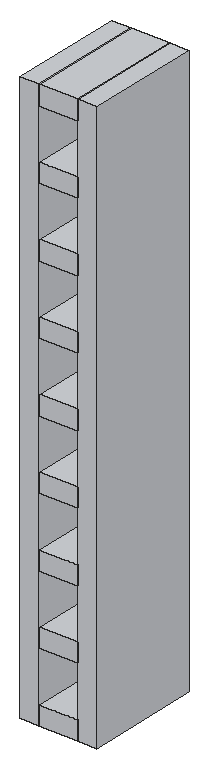
Revit family
Parameters
  numero di zeppe = altezza pilastro / 333 mm  # 9
  altezza pilastro = 3000 mm
  Lung_pil = ""
  Larg_pil = 100 mm
  Depth = 600 mm
  Width = 400 mm
Reference planes
  plane 1 "Center (Front/Back)": y = 0
  plane 2: z = 0
  plane 3 "Center (Left/Right)": x = 0
  plane 4 "Left": x = -200
  plane 5 "Right": x = 200
  plane 6 "Back": y = 300
  plane 7 "Front": y = -300
  plane 8: x = -100
  plane 9: x = 100
  plane 10: z = 3000
Forms (mm)
  Extrusion 1, solid
    sketch origin (0, 0, 0) x (1, 0, 0) y (0, 1, 0)
      loop
        line (-200, 300) -> (-200, -300) -> (-100, -300) -> (-100, 300) -> (-200, 300)
      loop
        line (100, 300) -> (100, -300) -> (200, -300) -> (200, 300) -> (100, 300)
    from 0 to 3000
Dimensions and locks
  equal spacing: plane 4 "Left", plane 3 "Center (Left/Right)", plane 5 "Right"
  equal spacing: plane 7 "Front", plane 1 "Center (Front/Back)", plane 6 "Back"
  "Width": plane 4 "Left" to plane 5 "Right"
  "Depth": plane 7 "Front" to plane 6 "Back"
  "Larg_pil": plane 4 "Left" to plane 8
  "Larg_pil": plane 9 to plane 5 "Right"
  "altezza pilastro": plane 10 to plane 2
  equal spacing: group 1, group 3, group 4, group 5, group 6, group 7, group 8, group 9, group 2  (x3)
  aligned: level to Extrusion 1
  aligned and locked: plane 10 to Extrusion 1
  aligned and locked: plane 10 to nested 2
Automatic sketch dimensions
  Extrusion 1 sketch curve to plane 4 "Left" = 0 mm
  plane 7 "Front" to Extrusion 1 sketch curve = 0 mm  (x2)
  Extrusion 1 sketch curve to plane 8 = 0 mm
  plane 6 "Back" to Extrusion 1 sketch curve = 0 mm  (x2)
  Extrusion 1 sketch curve to plane 9 = 0 mm
  Extrusion 1 sketch curve to plane 5 "Right" = 0 mm
Nested families
  nested 1: "zeppa" at (0, 0, 0), type "zeppah10"
    with ytot 600 mm, xtot 200 mm, b2zeppe 300 mm, b1zeppe 100 mm
  nested 2: "zeppa" at (0, 0, 2900), type "zeppah10"
    with ytot 600 mm, xtot 200 mm, b2zeppe 300 mm, b1zeppe 100 mm
  nested 3: "zeppa" at (0, 0, 362.5), type "zeppah10"
    with ytot 600 mm, xtot 200 mm, b2zeppe 300 mm, b1zeppe 100 mm
  nested 4: "zeppa" at (0, 0, 725), type "zeppah10"
    with ytot 600 mm, xtot 200 mm, b2zeppe 300 mm, b1zeppe 100 mm
  nested 5: "zeppa" at (0, 0, 1087.5), type "zeppah10"
    with ytot 600 mm, xtot 200 mm, b2zeppe 300 mm, b1zeppe 100 mm
  nested 6: "zeppa" at (0, 0, 1450), type "zeppah10"
    with ytot 600 mm, xtot 200 mm, b2zeppe 300 mm, b1zeppe 100 mm
  nested 7: "zeppa" at (0, 0, 1812.5), type "zeppah10"
    with ytot 600 mm, xtot 200 mm, b2zeppe 300 mm, b1zeppe 100 mm
  nested 8: "zeppa" at (0, 0, 2175), type "zeppah10"
    with ytot 600 mm, xtot 200 mm, b2zeppe 300 mm, b1zeppe 100 mm
  nested 9: "zeppa" at (0, 0, 2537.5), type "zeppah10"
    with ytot 600 mm, xtot 200 mm, b2zeppe 300 mm, b1zeppe 100 mm
Definition of nested family "zeppa"
  Parameters (values of type "zeppa")
    ytot = 200 mm
    xtot = 400 mm
    hzeppe = 100 mm
    b2zeppe = ytot / 2  # 100 mm
    b1zeppe = xtot / 2  # 200 mm
  Reference planes
    plane 1 "Center (Front/Back)": y = 0
    plane 2: z = 0
    plane 3 "Center (Left/Right)": x = 0
    plane 4: x = 200
    plane 5: x = -200
    plane 6: y = 100
    plane 7: y = -100
    plane 8: z = 100
  Forms (mm)
    Extrusion 1, solid
      sketch origin (0, 0, 0) x (1, 0, 0) y (0, 1, 0)
        loop
          line (-200, 100) -> (-200, -100) -> (200, -100) -> (200, 100) -> (-200, 100)
      from 0 to 100
  Dimensions and locks
    "b2zeppe": plane 6 to plane 1 "Center (Front/Back)"
    "b2zeppe": plane 7 to plane 1 "Center (Front/Back)"
    "b1zeppe": plane 5 to plane 3 "Center (Left/Right)"
    "b1zeppe": plane 3 "Center (Left/Right)" to plane 4
    "hzeppe": plane 8 to plane 2
    aligned and locked: plane 8 to Extrusion 1
    aligned and locked: plane 6 to Extrusion 1
    aligned and locked: plane 4 to Extrusion 1
    aligned and locked: plane 7 to Extrusion 1
    aligned and locked: plane 5 to Extrusion 1
  Automatic sketch dimensions
    Extrusion 1 sketch curve to plane 5 = 0 mm
    Extrusion 1 sketch curve to plane 4 = 0 mm
    plane 7 to Extrusion 1 sketch curve = 0 mm
    Extrusion 1 sketch curve to plane 6 = 0 mm
